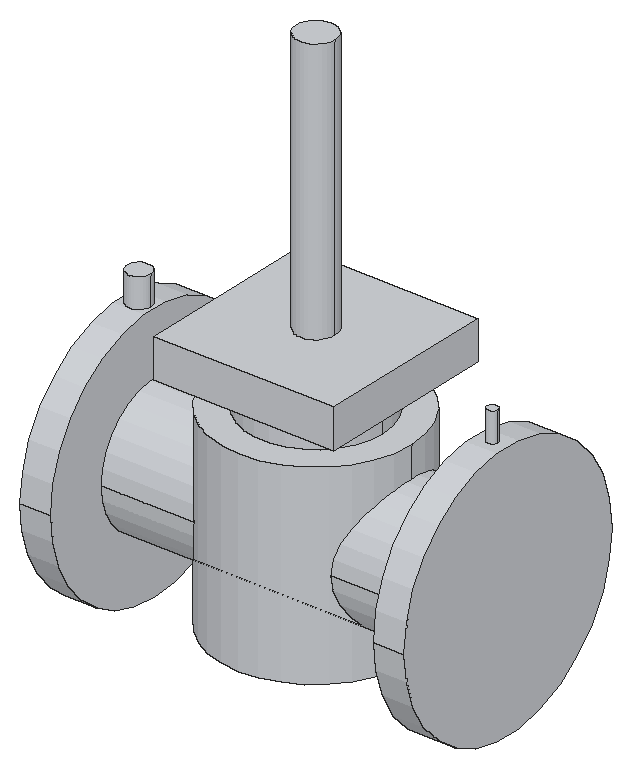
Revit family "OPTIMA_Compact_FLANGE_PN25_DN125-LF_RFA_2019", category Pipe Accessories, Revit 2019
Family settings
  Round Connector Dimension = Use Diameter
  Part Type = Valve - Breaks Into
  Work Plane-Based = No
  Always vertical = Yes
  Cut with Voids When Loaded = No
  Shared = No
Parameters (values of type "Optima Compact Flange PN25 DN125 LF")
  magiProductId = "Frese Optima Flange DN125 LF"
  magiProductFamilyId = "Frese Optima Flange *"
  magiPartTypeId = 304
  isMeasuringValve [instance] = no
  ang2D [instance] = 0.00°
  W2D = 50 mm
  VersionID = "2.0/2018.8.28.1/FRESE_OPTIMA_FLANGE_Q13_002"
  Use Minimum Symbol Size [instance] = yes
  URL = "www.hydronic.cz"
  Type Comments = "Přírubový; PN25; 0~120°C, s měřením"
  R4 = 70 mm
  R3 = 70.2 mm
  R1 = 100 mm
  QmdConnectorList = "301;D;302;D"
  Productdata [instance] = ""
  Manufacturer = "Hydronic Systems Prague s.r.o."
  MC Product Code = "53-1224 (DN125 LF; 40mm; pohon min 1000N; Qmin-dpmin 18500l/h-16.0kPa; Qmax-dpmin 110000l/h-35.0kPa; dpmax 800kPa)"
  MC Piping Given Pressure Drop [instance] = 0.0 Pa
  LF__ve = -LF  # -32 mm
  LF2 = 16 mm
  LF = 32 mm
  L4 = 188 mm
  L3 = 336 mm
  L2D_Min = 3048 mm
  L2D = 230 mm
  L2 = 200 mm
  H6 = 275.5 mm
  H4 = 40.5 mm
  H3 = 33.75 mm
  H2 = 101.25 mm
  H1 = 202.5 mm
  Description = "Tlakově nezávislý 2-cestný regulační vyvažovací ventil (PICV)"
  DF2 = 135 mm
  D = 125 mm
  CAT0 = yes
Types (14, lengths in mm): name | magiProductId | magiProductFamilyId | W2D | Type Comments | R4 | R3 | R1 | MC Product Code | LF__ve | LF2 | LF | L4 | L3 | L2D | L2 | H6 | H4 | H3 | H2 | H1 | DF2 | D
  Optima Compact Flange PN25 DN050 LF | "Frese Optima Flange DN050 LF" | "Frese Optima Flange *" | 50 | "Přírubový; PN25; 0~120°C, s měřením" | 40.3 | 42.9 | 57.5 | "53-1220 (DN50 LF; 20mm; pohon min 1000N; Qmin-dpmin 2500l/h-6.5kPa; Qmax-dpmin 15000l/h-20.0kPa; dpmax 800kPa)" | -18.4 | 9.2 | 18.4 | 108.1 | 193.2 | 230 | 115 | 157.3 | 24.8 | 20.6 | 61.9 | 123.8 | 82.5 | 50
  Optima Compact Flange PN25 DN050 HF | "Frese Optima Flange DN050 HF" | "Frese Optima Flange *" | 50 | "Přírubový; PN25; 0~120°C, s měřením" | 40.25 | 42.9 | 57.5 | "53-1230 (DN50 HF; 20mm; pohon min 1000N; Qmin-dpmin 3900l/h-19.0kPa; Qmax-dpmin 24000l/h-50.0kPa; dpmax 800kPa)" | -18.4 | 9.2 | 18.4 | 108.1 | 193.2 | 230 | 115 | 157.25 | 24.75 | 20.625 | 61.875 | 123.75 | 82.5 | 50
  Optima Compact Flange PN25 DN065 LF | "Frese Optima Flange DN065 LF" | "Frese Optima Flange *" | 50 | "Přírubový; PN25; 0~120°C, s měřením" | 50.75 | 48.1 | 72.5 | "53-1221 (DN65 LF; 20mm; pohon min 1000N; Qmin-dpmin 4400l/h-15.0kPa; Qmax-dpmin 25000l/h-25.0kPa; dpmax 800kPa)" | -23.2 | 11.6 | 23.2 | 136.3 | 243.6 | 230 | 145 | 171.25 | 27.75 | 23.125 | 69.375 | 138.75 | 92.5 | 65
  Optima Compact Flange PN25 DN065 HF | "Frese Optima Flange DN065 HF" | "Frese Optima Flange *" | 50 | "Přírubový; PN25; 0~120°C, s měřením" | 50.75 | 48.1 | 72.5 | "53-1231 (DN65 HF; 20mm; pohon min 1000N; Qmin-dpmin 6000l/h-30.0kPa; Qmax-dpmin 35000l/h-55.0kPa; dpmax 800kPa)" | -23.2 | 11.6 | 23.2 | 136.3 | 243.6 | 230 | 145 | 171.25 | 27.75 | 23.125 | 69.375 | 138.75 | 92.5 | 65
  Optima Compact Flange PN25 DN080 LF | "Frese Optima Flange DN080 LF" | "Frese Optima Flange *" | 50 | "Přírubový; PN25; 0~120°C, s měřením" | 54.25 | 52 | 77.5 | "53-1222 (DN80 LF; 20mm; pohon min 1000N; Qmin-dpmin 5300l/h-16.0kPa; Qmax-dpmin 34000l/h-25.0kPa; dpmax 800kPa)" | -24.8 | 12.4 | 24.8 | 145.7 | 260.4 | 230 | 155 | 183 | 30 | 25 | 75 | 150 | 100 | 80
  Optima Compact Flange PN25 DN080 HF | "Frese Optima Flange DN080 HF" | "Frese Optima Flange *" | 50 | "Přírubový; PN25; 0~120°C, s měřením" | 54.25 | 52 | 77.5 | "53-1232 (DN80 HF; 20mm; pohon min 1000N; Qmin-dpmin 7000l/h-23.0kPa; Qmax-dpmin 43000l/h-50.0kPa; dpmax 800kPa)" | -24.8 | 12.4 | 24.8 | 145.7 | 260.4 | 230 | 155 | 183 | 30 | 25 | 75 | 150 | 100 | 80
  Optima Compact Flange PN25 DN100 LF | "Frese Optima Flange DN100 LF" | "Frese Optima Flange *" | 50 | "Přírubový; PN25; 0~120°C, s měřením" | 61.25 | 61.1 | 87.5 | "53-1223 (DN100 LF; 40mm; pohon min 1000N; Qmin-dpmin 12100l/h-20.0kPa; Qmax-dpmin 68000l/h-35.0kPa; dpmax 800kPa)" | -28 | 14 | 28 | 164.5 | 294 | 230 | 175 | 268.75 | 35.25 | 29.375 | 88.125 | 176.25 | 117.5 | 100
  Optima Compact Flange PN25 DN100 HF | "Frese Optima Flange DN100 HF" | "Frese Optima Flange *" | 50 | "Přírubový; PN25; 0~120°C, s měřením" | 61.25 | 61.1 | 87.5 | "53-1233 (DN100 HF; 40mm; pohon min 1000N; Qmin-dpmin 14800l/h-30.0kPa; Qmax-dpmin 90000l/h-75.0kPa; dpmax 800kPa)" | -28 | 14 | 28 | 164.5 | 294 | 230 | 175 | 268.75 | 35.25 | 29.375 | 88.125 | 176.25 | 117.5 | 100
  Optima Compact Flange PN25 DN125 LF | "Frese Optima Flange DN125 LF" | "Frese Optima Flange *" | 50 | "Přírubový; PN25; 0~120°C, s měřením" | 70 | 70.2 | 100 | "53-1224 (DN125 LF; 40mm; pohon min 1000N; Qmin-dpmin 18500l/h-16.0kPa; Qmax-dpmin 110000l/h-35.0kPa; dpmax 800kPa)" | -32 | 16 | 32 | 188 | 336 | 230 | 200 | 275.5 | 40.5 | 33.75 | 101.25 | 202.5 | 135 | 125
  Optima Compact Flange PN25 DN125 HF | "Frese Optima Flange DN125 HF" | "Frese Optima Flange *" | 50 | "Přírubový; PN25; 0~120°C, s měřením" | 70 | 70.2 | 100 | "53-1234 (DN125 HF; 40mm; pohon min 1000N; Qmin-dpmin 23000l/h-27.0kPa; Qmax-dpmin 135000l/h-53.0kPa; dpmax 800kPa)" | -32 | 16 | 32 | 188 | 336 | 230 | 200 | 275.5 | 40.5 | 33.75 | 101.25 | 202.5 | 135 | 125
  Optima Compact Flange PN25 DN150 LF | "Frese Optima Flange DN150 LF" | "Frese Optima Flange *" | 50 | "Přírubový; PN25; 0~110°C, s měřením" | 84 | 74.1 | 120 | "53-1225 (DN150 LF; 43mm; pohon min 1500N; Qmin-dpmin 25600l/h-21.0kPa; Qmax-dpmin 148000l/h-35.0kPa; dpmax 800kPa)" | -38.4 | 19.2 | 38.4 | 225.6 | 403.2 | 230 | 240 | 279.25 | 42.75 | 35.625 | 106.875 | 213.75 | 142.5 | 150
  Optima Compact Flange PN25 DN150 HF | "Frese Optima Flange DN150 HF" | "Frese Optima Flange *" | 50 | "Přírubový; PN25; 0~110°C, s měřením" | 84 | 74.1 | 120 | "53-1235 (DN150 HF; 43mm; pohon min 1500N; Qmin-dpmin 32000l/h-33.0kPa; Qmax-dpmin 195000l/h-65.0kPa; dpmax 800kPa)" | -38.4 | 19.2 | 38.4 | 225.6 | 403.2 | 230 | 240 | 279.25 | 42.75 | 35.625 | 106.875 | 213.75 | 142.5 | 150
  Optima Compact Flange PN25 DN200 LF | "" | "" | 100 | "Přírubový; PN25; 0~110°C, s měřením" | 164.5 | 98.8 | 235 | "53-1226 (DN200 LF; 43mm; pohon min 1500N; Qmin-dpmin 95000l/h-11.0kPa; Qmax-dpmin 210000l/h-32.0kPa; dpmax 800kPa)" | -48 | 24 | 48 | 282 | 504 | 350 | 300 | 281 | 57 | 15 | 209 | 380 | 190 | 200
  Optima Compact Flange PN25 DN200 HF | "" | "" | 100 | "Přírubový; PN25; 0~110°C, s měřením" | 164.5 | 98.8 | 235 | "53-1236 (DN200 HF; 43mm; pohon min 1500N; Qmin-dpmin 130000l/h-31.0kPa; Qmax-dpmin 280000l/h-78.0kPa; dpmax 800kPa)" | -48 | 24 | 48 | 282 | 504 | 350 | 300 | 281 | 57 | 15 | 209 | 380 | 190 | 200
Reference planes
  plane 1 "Center (Front/Back)": y = 0
  plane 2 "XYPLANE": z = 0
  plane 3 "Center (Left/Right)": x = 0
  plane 4 "157": x = 184
  plane 5 "156": x = -184
  plane 6 "155": z = 135
  plane 7 "154": z = 175.5
  plane 8 "153": z = 135
  plane 9 "152": z = 101.25
  plane 10 "151": x = -168
  plane 11 "150": z = -101.25
  plane 12 "149": x = 0
  plane 13 "148": y = 0
  plane 14 "147": z = 0
  plane 15 "146": x = -200
  plane 16 "145": x = 200
Forms (mm)
  Extrusion 1, solid, visible <- "CAT0"
    sketch origin (-750, 0, 135) x (1, 0, 0) y (0, 1, 0)
      loop
        circle (934, 0) r 5.5
    from 0 to 30
  Extrusion 2, solid, visible <- "CAT0"
    sketch origin (-750, 0, 135) x (1, 0, 0) y (0, 1, 0)
      loop
        circle (566, 0) r 12.3
    from 0 to 30
  Extrusion 3, solid, visible <- "CAT0"
    sketch origin (-750, 0, 175.5) x (1, 0, 0) y (0, 1, 0)
      loop
        circle (750, 0) r 20
    from 0 to 275.5 <- "H6"
  Extrusion 4, solid, visible <- "CAT0"
    sketch origin (-750, 0, 135) x (1, 0, 0) y (0, 1, 0)
      loop
        line (844, 94) -> (656, 94) -> (656, -94) -> (844, -94) -> (844, 94)
    from 0 to 40.5 <- "H4"
  Extrusion 5, solid, visible <- "CAT0"
    sketch origin (-750, 0, 101.25) x (1, 0, 0) y (0, 1, 0)
      loop
        circle (750, 0) r 70
    from 0 to 33.75 <- "H3"
  Extrusion 6, solid, visible <- "CAT0"
    sketch origin (-168, -750, 0) x (0, 1, 0) y (0, 0, 1)
      loop
        circle (750, 0) r 70.2
    from 0 to 336 <- "L3"
  Extrusion 7, solid, visible <- "CAT0"
    sketch origin (-750, 0, -101.25) x (1, 0, 0) y (0, 1, 0)
      loop
        circle (750, 0) r 100
    from 0 to 202.5 <- "H1"
  Extrusion 8, solid, visible <- "CAT0"
    sketch origin (-200, -750, 0) x (0, 1, 0) y (0, 0, 1)
      loop
        circle (750, 0) r 135
    from 0 to 32 <- "LF"
  Extrusion 9, solid, visible <- "CAT0"
    sketch origin (200, -750, 0) x (0, 1, 0) y (0, 0, 1)
      loop
        circle (750, 0) r 135
    from 0 to -32 <- "LF__ve"
  Extrusion 10, solid, not visible
    sketch origin (-200, -750, 0) x (0, 1, 0) y (0, 0, 1)
      loop
        circle (750, 0) r 10
    from 0 to 10
  Extrusion 11, solid, not visible
    sketch origin (200, -750, 0) x (0, 1, 0) y (0, 0, 1)
      loop
        circle (750, 0) r 10
    from 0 to -10
Lines and regions (mm)
  reference lines, not visible
    curve 1: circle (2, 2, 0) r 1 normal (0, 0, 1)
  reference lines
    curve 2: circle (0, 0, 135) r 1 normal (0, 0, 1)
Dimensions and locks
  plane 1 "Center (Front/Back)" to curve 1 = 2 mm
  "LF2": plane 16 "145" to plane 4 "157"
  "LF2": plane 15 "146" to plane 5 "156"
  "DF2": plane 2 "XYPLANE" to plane 6 "155"
  "H4": plane 8 "153" to plane 7 "154"
  "H3": plane 9 "152" to plane 8 "153"
  "H1": plane 11 "150" to plane 9 "152"
  "LF": plane 15 "146" to plane 10 "151"
  "H2": plane 2 "XYPLANE" to plane 11 "150"
  locked: plane 3 "Center (Left/Right)" to plane 12 "149"
  locked: plane 1 "Center (Front/Back)" to plane 13 "148"
  locked: plane 2 "XYPLANE" to plane 14 "147"
  "L2": plane 3 "Center (Left/Right)" to plane 15 "146"
  "L2": plane 3 "Center (Left/Right)" to plane 16 "145"
  equal spacing: Extrusion 4 sketch curve, curve 2, Extrusion 4 sketch curve  (x2)
  "L4": Extrusion 4 sketch curve to Extrusion 4 sketch curve  (x2)
  Extrusion 4 sketch curve to Extrusion 4 sketch curve = 0 mm  (x8)
  "R4": radius of Extrusion 5 sketch curve
  "R3": radius of Extrusion 6 sketch curve
  "R1": radius of Extrusion 7 sketch curve
  "DF2": radius of Extrusion 8 sketch curve
  "DF2": radius of Extrusion 9 sketch curve
  aligned and locked: level to plane 2 "XYPLANE"
  aligned and locked: plane 4 "157" to Extrusion 1 sketch curve
  aligned and locked: plane 13 "148" to Extrusion 1 sketch curve
  aligned and locked: plane 5 "156" to Extrusion 2 sketch curve
  aligned and locked: plane 13 "148" to Extrusion 2 sketch curve
  aligned and locked: plane 12 "149" to Extrusion 3 sketch curve
  aligned and locked: plane 13 "148" to Extrusion 3 sketch curve
  aligned and locked: plane 12 "149" to curve 2
  aligned and locked: plane 13 "148" to curve 2
  aligned and locked: plane 12 "149" to Extrusion 5 sketch curve
  aligned and locked: plane 13 "148" to Extrusion 5 sketch curve
  aligned and locked: Extrusion 6 sketch curve to plane 13 "148"
  aligned and locked: plane 14 "147" to Extrusion 6 sketch curve
  aligned and locked: plane 12 "149" to Extrusion 7 sketch curve
  aligned and locked: plane 13 "148" to Extrusion 7 sketch curve
  aligned and locked: Extrusion 8 sketch curve to plane 13 "148"
  aligned and locked: plane 14 "147" to Extrusion 8 sketch curve
  aligned and locked: Extrusion 9 sketch curve to plane 13 "148"
  aligned and locked: plane 14 "147" to Extrusion 9 sketch curve
  aligned and locked: Extrusion 10 sketch curve to plane 13 "148"
  aligned and locked: plane 14 "147" to Extrusion 10 sketch curve
  aligned and locked: Extrusion 11 sketch curve to plane 13 "148"
  aligned and locked: plane 14 "147" to Extrusion 11 sketch curve
Automatic sketch dimensions
  Extrusion 1 sketch curve to plane 4 "157" = 5.5 mm
  plane 15 "146" to Extrusion 2 sketch curve = 3.7 mm
  Extrusion 3 sketch curve to plane 3 "Center (Left/Right)" = 20 mm
  plane 1 "Center (Front/Back)" to Extrusion 10 sketch curve = 10 mm
  plane 1 "Center (Front/Back)" to Extrusion 11 sketch curve = 10 mm
  plane 3 "Center (Left/Right)" to curve 1 = 2 mm
  plane 10 "151" to Extrusion 4 sketch curve = 74 mm
  plane 1 "Center (Front/Back)" to Extrusion 4 sketch curve = 94 mm
  radius of curve 2 = 1 mm
  radius of curve 1 = 1 mm
Connectors
  piping at (-200, 0, 0), diameter 125, driven by "D"
    settings: on Extrusion 10, index 1, connector inside diameter 609.6 mm, connector length 0 mm, flow factor 0, pipe flow 0.0 L/s, pressure drop 0.0 Pa, fitting loss kfactor 0, connector angle 0.00°, fixture units 0, engagement length 0 mm, angle of deflection 0.00°, flow configuration 0, flow direction 0, fitting loss method 0, system type 29, joint type 0, gender type 0, connector reference index 2, connector utility 0, adjustable connector no, is connector primary yes, connector description ""
  piping at (200, 0, 0), diameter 125, driven by "D"
    settings: on Extrusion 11, index 2, connector inside diameter 609.6 mm, connector length 0 mm, flow factor 0, pipe flow 0.0 L/s, pressure drop 0.0 Pa, fitting loss kfactor 0, connector angle 0.00°, fixture units 0, engagement length 0 mm, angle of deflection 0.00°, flow configuration 0, flow direction 0, fitting loss method 0, system type 29, joint type 0, gender type 0, connector reference index 1, connector utility 0, adjustable connector no, is connector primary no, connector description ""
